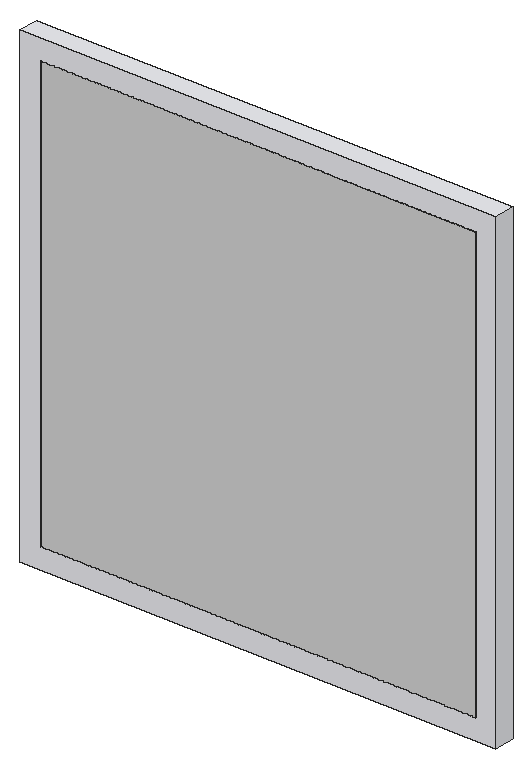
Revit family "НЕВАТОМ_Сменная касета AxB FVGU–3, версия 1", category Арматура воздуховодов, Revit 2017
Family settings
  Размер круглого соединителя = Использовать диаметр
  Тип детали = Вставляется
  На основе рабочей плоскости = Нет
  Всегда вертикально = Нет
  При загрузке вырезать с полостями = Нет
  Общий = Нет
Parameters (values of type "НЕВАТОМ_Сменная кассета AхB FVGU")
  Материал привода = Фильтрующий материал
  Материал корпуса = Оцинкованная сталь
  t = 17 mm  # constant formula
  Nevatom_Частотный преобразователь = ""
  Nevatom_Регулятор расхода = ""
  Nevatom_URL = "https://t.me/NEVATOM_Bim_bot"
  Nevatom_ Для задания электроснабжения = ""
  L = 17 mm
  B [instance] = 400 mm
  ADSK_Размер_Ширина [instance] = 17 mm  # constant formula
  ADSK_Размер_Длина [instance] = A  # 400 mm
  ADSK_Размер_Высота [instance] = B  # 400 mm
  ADSK_Расход воздуха = 0.0 L/s
  ADSK_Примечание = ""
  ADSK_Потеря давления воздуха = 0.0 Pa
  ADSK_Позиция = ""
  ADSK_Наименование [instance] = "Сменная кассета AxB FVGU-3"
  ADSK_Материал наименование = "Оцинкованная сталь"  # constant formula
  ADSK_Масса_Текст = "кг"
  ADSK_Марка [instance] = ADSK_Наименование  # "Сменная кассета AxB FVGU-3"
  ADSK_Количество = 1  # constant formula
  ADSK_Код изделия = ""
  ADSK_Завод-изготовитель = "НЕВАТОМ"  # constant formula
  ADSK_Единица измерения = "шт."
  A [instance] = 400 mm
Reference planes
  plane 1 "По центру (Вперед/Назад)": y = 0
  plane 2: z = 0
  plane 3 "По центру (Влево/Вправо)": x = 0
  plane 4: y = 8.5
  plane 5: y = -8.5
  plane 6: x = 200
  plane 7: x = -200
  plane 8: z = 200
  plane 9: z = -200
Forms (mm)
  Extrusion 1, solid, material "Оцинкованная сталь"
    sketch origin (0, 0, 0) x (1, 0, 0) y (0, 0, 1)
      loop
        line (-200, 200) -> (-200, -200) -> (200, -200) -> (200, 200) -> (-200, 200)
      loop
        line (-183, 183) -> (-183, -183) -> (183, -183) -> (183, 183) -> (-183, 183)
    from -8.5 to 8.5
  Extrusion 2, solid, material "Фильтрующий материал" <- "Материал привода"
    sketch origin (0, 0, 0) x (1, 0, 0) y (0, 0, 1)
      loop
        line (-183, 183) -> (-183, -183) -> (183, -183) -> (183, 183) -> (-183, 183)
    from -8.5 to 8.5
Dimensions and locks
  equal spacing: plane 7, plane 3 "По центру (Влево/Вправо)", plane 6
  equal spacing: plane 4, plane 1 "По центру (Вперед/Назад)", plane 5
  "L": plane 4 to plane 5
  "A": plane 7 to plane 6
  equal spacing: plane 8, level, plane 9
  "B": plane 8 to plane 9
  "t": plane 8 to Extrusion 1 sketch curve
  "t": Extrusion 1 sketch curve to plane 9
  "t": plane 6 to Extrusion 1 sketch curve
  "t": Extrusion 1 sketch curve to plane 7
  aligned and locked: level to plane 2
  aligned and locked: Extrusion 1 sketch curve to plane 8
  aligned and locked: plane 7 to Extrusion 1 sketch curve
  aligned and locked: plane 9 to Extrusion 1 sketch curve
  aligned and locked: Extrusion 1 sketch curve to plane 6
  aligned and locked: Extrusion 2 sketch curve to Extrusion 1  (x4)
  aligned and locked: plane 4 to Extrusion 1
  aligned and locked: plane 4 to Extrusion 2
  aligned and locked: Extrusion 2 to plane 5
  aligned and locked: Extrusion 1 to plane 5
Connectors
  hvac at (0, -8.5, 0), driven by "B", driven by "A"
    settings: on Extrusion 1, index 1, duct flow 0.0 L/s, flow factor 0, pres drop 0.0 Pa, loss coef 0, conn angle 0.00°, conn width 400 mm, conn height 400 mm, conn diameter 609.6 mm, duct sys type 28, conn prof type 1, flow config 0, flow direction 0, loss method 0, conn ref index -1, conn util no, is conn primary yes, conn desc ""
  hvac at (0, 8.5, 0), driven by "B", driven by "A"
    settings: on Extrusion 1, index 2, duct flow 0.0 L/s, flow factor 0, pres drop 0.0 Pa, loss coef 0, conn angle 0.00°, conn width 400 mm, conn height 400 mm, conn diameter 609.6 mm, duct sys type 28, conn prof type 1, flow config 0, flow direction 0, loss method 0, conn ref index -1, conn util no, is conn primary no, conn desc ""
